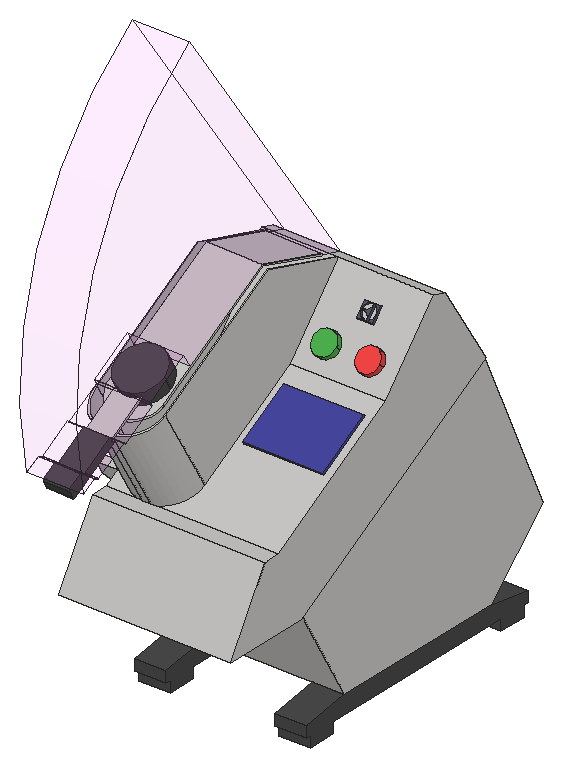
Revit family "QF_ELECTROLUXPROFESSIONAL_600247_TRSC", category Attrezzature speciali, Revit 2020
Family settings
  Quota connettore circolare = Usa diametro
  Tipo di parte = Normale
  Basato su piano di lavoro = No
  Sempre verticale = Sì
  Taglio con vuoti quando caricato = No
  Condiviso = No
  Punto di calcolo locali = No
Parameters (values of type "Standard")
  Weight = 18.00 kg
  Watts = 370 W
  Volts = 220 V
  URL Manufacturer = "https://www.electroluxprofessional.com/"
  URL = "https://www.electroluxprofessional.com/"
  Steam Supply Size = 0 mm
  Steam Supply Minimum Pressure = 0.0 Pa
  Steam Supply Maximum Pressure = 0.0 Pa
  Steam Consumption per Hour = 0
  Show Logo [instance] = yes
  Show Clearance [instance] = yes
  Refrigeration Suction Line Size = 0 mm
  Refrigeration Liquid Line Size = 0 mm
  Refrigerant Compressor Remote = yes
  Prospetto di default = 0 mm
  Produttore = "Electrolux Professional"
  Phase = 1
  Modello = "TRSC"
  Length Actual = 246 mm  # constant formula
  Item Number = "600247"
  Hot Water Size = 0 mm
  Height Actual = 466 mm  # constant formula
  HP = "0.5 HP"
  Gas Size = 0 mm
  Gas KW = 0
  Gas Input Pressure = 0 W
  Direct Waste Size = 0 mm
  Descrizione = "VEGETAB.BENCH CUTTER+EJECT.-220-240/1/50"
  Depth Actual = 557 mm  # constant formula
  Cycle = 50 Hz
  Condensate Return Size = 0 mm
  Compressed Air Volume = 0.0 L/s
  Compressed Air Size = 0 mm
  Compressed Air Pressure = 0.0 Pa
  Cold Water Size = 0 mm
  Accessory = yes
Reference planes
  plane 1 "Center (Front/Back)": y = 0
  plane 2: z = 0
  plane 3 "Center (Left/Right)": x = 0
  plane 4 "BASE": z = 200
  plane 5 "TOP": z = 466
  plane 6 "FRONT": y = -217
  plane 7 "BACK": y = 340
  plane 8 "LEFT": x = -246
  plane 9 "RIGHT": x = -123
  plane 10 "PANEL": through (4267.2, 267.007, 504.294) normal (0, 0.3907, -0.9205)
  plane 11: z = 760
  plane 12: z = 320
  plane 13: x = -138
  plane 14: through (-121, -2919.827, 2381.84) normal (0, -0.6018, -0.7986)
  plane 15: through (-121, -2736.832, 2624.682) normal (0, -0.6018, -0.7986)
Forms (mm)
  Extrusion 1, solid, material "QF_Finishes_Black"
    sketch origin (0, 123, 0) x (0, -1, 0) y (0, 0, -1)
      loop
        line (94.471, -36.549) -> (153.732, -27.163) -> (153.732, -13.973) -> (147.154, -13.973) -> (147.154, 0) -> (112.154, 0) -> (112.154, -13.973) -> (-152.212, -13.973) -> (-152.212, 0) -> (-187.212, 0) -> (-187.212, -13.973) -> (-193.79, -13.973) -> (-193.79, -27.163) -> (-134.529, -36.549) -> (94.471, -36.549)
    from 0 to -40
  Extrusion 2, solid, material "QF_Finishes_Stainless Steel"
    sketch origin (-216, 123, 0) x (0, -1, 0) y (0, 0, 1)
      loop
        line (93.46, 36.549) -> (160.039, 151.867) -> (-127.073, 317.631) -> (-217, 115.653) -> (-135.029, 36.549) -> (93.46, 36.549)
    from 0 to -216
  Extrusion 3, solid, material "QF_Finishes_Stainless Steel"
    sketch origin (-216, 123, 262.296) x (0, -1, 0) y (0, 0, 1)
      loop
        line (-127.388, 55.517) -> (162.427, -111.808) -> (271.802, -111.808) -> (219.868, -21.855) -> (197.396, -21.855) -> (28.521, 75.645) -> (-46.926, 162.436) -> (-63.802, 157.277) -> (-127.388, 55.517)
    from 0 to -216
  Extrusion 4, solid, material "QF_Finishes_Black"
    sketch origin (-176, 123, 0) x (0, -1, 0) y (0, 0, -1)
      loop
        line (94.471, -36.549) -> (153.732, -27.163) -> (153.732, -13.973) -> (147.154, -13.973) -> (147.154, 0) -> (112.154, 0) -> (112.154, -13.973) -> (-152.212, -13.973) -> (-152.212, 0) -> (-187.212, 0) -> (-187.212, -13.973) -> (-193.79, -13.973) -> (-193.79, -27.163) -> (-134.529, -36.549) -> (94.471, -36.549)
    from 0 to -40
  Extrusion 5, solid, material "QF_Finishes_Stainless Steel"
    sketch origin (-490.404, 173.395, 441.028) x (-1, 0, 0) y (0, -0.529919, 0.848048)
      loop
        line (-392.404, -132.714) -> (-392.404, -152.714) -> (-372.404, -152.714) -> (-372.404, -132.714) -> (-392.404, -132.714)
    from 0 to 2
  Extrusion 6, solid, material "QF_Finishes_Stainless Steel"
    sketch origin (-216, 247.308, 495.458) x (0, -0.866025, -0.5) y (-1, 0, 0)
      loop
        line (366.112, -5.041) -> (103.685, -5.041) -> (103.685, -7.041) -> (364.112, -7.041)
        arc (364.112, -7.041) -> (392.396, -18.757) -> (404.112, -47.041) r 40
        line (404.112, -47.041) -> (404.112, -53.041)
        arc (404.112, -53.041) -> (392.396, -81.326) -> (364.112, -93.041) r 40
        line (364.112, -93.041) -> (103.685, -93.041) -> (103.685, -95.041) -> (366.112, -95.041)
        arc (366.112, -95.041) -> (394.396, -83.326) -> (406.112, -55.041) r 40
        line (406.112, -55.041) -> (406.112, -45.041)
        arc (406.112, -45.041) -> (394.396, -16.757) -> (366.112, -5.041) r 40
    from 60 to -60
  Extrusion 7, void
    sketch origin (-216, 123, 0) x (0, -1, 0) y (0, 0, 1)
      loop
        line (79.644, 463.429) -> (-6.545, 511.204) -> (-63.802, 419.573) -> (-104.041, 355.176) -> (18.102, 278.852) -> (28.521, 337.941) -> (-46.926, 424.732) -> (79.644, 463.429)
    from 19 to -118
  Extrusion 8, solid, material "QF_Finishes_Stainless Steel"
    sketch origin (-216, 123, 0) x (0, -1, 0) y (0, 0, 1)
      loop
        line (264.063, 340.515) -> (58.672, 459.097) -> (-34.568, 430.591) -> (-33.786, 428.75) -> (58.412, 456.937) -> (263.063, 338.783) -> (264.063, 340.515)
    from -14.228 to -85.286
  Extrusion 9, void
    sketch origin (-216, 312.723, 516.165) x (-1, 0, 0) y (0, -1, 0)
      loop
        line (-12.905, 396.308) -> (6.939, 396.308) -> (6.939, 476.85) -> (-103.061, 476.85) -> (-103.061, 396.308) -> (-86.45, 396.308)
        arc (-86.45, 396.308) -> (-76.793, 419.808) -> (-53.329, 429.553) r 33.121
        line (-53.329, 429.553) -> (-46.025, 429.553)
        arc (-46.025, 429.553) -> (-22.562, 419.808) -> (-12.905, 396.308) r 33.121
    from 60 to -198.533
  Extrusion 10, solid, material "QF_Finishes_Black"
    sketch origin (-216, 246.158, 587.17) x (0, -0.866025, -0.5) y (-1, 0, 0)
      loop
        circle (382.469, -50.975) r 30
    from 0 to 20
  Extrusion 11, solid, material "QF_Finishes_Stainless Steel"
    sketch origin (-216, -185.302, -32.404) x (0, -1, 0) y (0, 0, 1)
      loop
        line (-34.286, 382.647) -> (-86.832, 412.985) -> (-87.832, 411.253) -> (-35.286, 380.915) -> (-34.286, 382.647)
    from -34.786 to -67.408
  Extrusion 12, solid, material "QF_Finishes_Black"
    sketch origin (-216, -238.324, -61.918) x (0, -1, 0) y (0, 0, 1)
      loop
        line (-45.479, 392.574) -> (-85.332, 415.583) -> (-90.283, 407.008) -> (-30.076, 372.247)
        arc (-30.076, 372.247) -> (-28.179, 371.997) -> (-26.661, 373.162) r 2.5
        line (-26.661, 373.162) -> (-21.514, 382.077)
        arc (-21.514, 382.077) -> (-21.264, 383.974) -> (-22.429, 385.492) r 2.5
        line (-22.429, 385.492) -> (-39.319, 395.243)
        arc (-39.319, 395.243) -> (-40.078, 395.343) -> (-40.685, 394.877) r 1
        line (-40.685, 394.877) -> (-41.381, 393.672)
        arc (-41.381, 393.672) -> (-43.202, 392.274) -> (-45.479, 392.574) r 3
    from -34.786 to -67.408
  Extrusion 13, solid, material "QF_Finishes_Door Clearance", visible <- "Show Clearance"
    sketch origin (-216, 123, 0) x (0, -1, 0) y (0, 0, 1)
      loop
        line (-63.802, 419.573) -> (-33.786, 428.75) -> (-34.568, 430.591) -> (58.672, 459.097) -> (172.089, 393.616) -> (182.089, 410.936) -> (234.05, 380.936) -> (230.752, 375.222) -> (274.016, 350.244) -> (275.992, 353.665) -> (315.879, 330.636)
        arc (315.879, 330.636) -> (318.126, 330.34) -> (319.924, 331.72) r 2.96
        line (319.924, 331.72) -> (320.639, 332.959)
        arc (320.639, 332.959) -> (321.246, 333.425) -> (322.005, 333.325) r 1
        line (322.005, 333.325) -> (340, 322.936)
        arc (340, 322.936) -> (324.321, 567.07) -> (173.904, 760) r 415.204
        line (173.904, 760) -> (-63.802, 419.573)
    from -14.228 to -85.286
  Extrusion 14, solid, material "QF_Finishes_Stainless Steel"
    sketch origin (0, 3.988, 49.884) x (-1, 0, 0) y (0, -0.5, 0.866025)
      loop
        line (216, 200) -> (216, 157.393) -> (246, 180) -> (246, 200) -> (216, 200)
    from 60 to 50
  Extrusion 15, solid, material "QF_Finishes_Stainless Steel"
    sketch origin (0, 325.456, 235.483) x (-1, 0, 0) y (0, 0.5, -0.866025)
      loop
        line (216, -200) -> (246, -200) -> (246, -180) -> (216, -157.393) -> (216, -200)
    from 60 to 50
Cuts and joins
  Extrusion 7 cuts Extrusion 6
  Extrusion 9 cuts Extrusion 8
Dimensions and locks
  plane 8 "LEFT" to plane 9 "RIGHT" = 123 mm
  plane 7 "BACK" to plane 6 "FRONT" = 557 mm  (x2)
  plane 4 "BASE" to level = 200 mm
  plane 5 "TOP" to level = 466 mm  (x3)
  plane 11 to level = 760 mm
  plane 3 "Center (Left/Right)" to plane 8 "LEFT" = 246 mm
  plane 12 to level = 320 mm
  aligned and locked: level to plane 2
Nested families
  nested 1: "ELX_LOGO_MONO_SMALL - BLUE" at (-70.42, 111.955, 358.044) x (-1, 0, 0) z (0, -0.7547, 0.6561), visible <- "Show Logo", Show Logo <- "Show Logo", type "ELX_LOGO_MONO_SMALL - BLUE"
    with Show Logo yes
  nested 2: "Tastiera con bottoni" at (-60.959, 41.844, 307.552) x (-1, 0, 0) z (0, -0.5, 0.866), type "Tastiera con bottoni"
Connectors
  electrical at (-108, 249.022, 320)
    settings: on Extrusion 5, index 18, voltage 0 V, apparent load 0 VA, apparent load phase1 0 VA, apparent load phase2 0 VA, apparent load phase3 0 VA, power factor 1, load classification "Altro", number of poles 1, system type 30, power factor state 1, is connector primary yes, connector utility no, sub classification motor no, connector description ""
Definition of nested family "ELX_LOGO_MONO_SMALL - BLUE"
  Parameters (values of type "ELX_LOGO_MONO_SMALL - BLUE")
    Show Logo [instance] = yes
    Default Elevation = 1219.2 mm
  Reference planes
    plane 1 "Center (Front/Back)": y = -49
    plane 2: z = 0
    plane 3 "Center (Left/Right)": x = -9.92
  Forms (mm)
    Extrusion 1, solid
      sketch origin (0, 0, 0) x (1, 0, 0) y (0, 1, 0)
        loop
          line (-1219.2, 1219.2) -> (-1219.2, -1219.2) -> (1219.2, -1219.2) -> (1219.2, 1219.2) -> (-1219.2, 1219.2)
      from 0 to -304.8
    Extrusion 2, solid, visible <- "Show Logo"
      sketch origin (84.462, 509.781, 0) x (1, 0, 0) y (0, 1, 0)
        loop
          line (-97.132, -567.787) -> (-97.132, -549.816)
          arc (-97.132, -549.816) -> (-103.775, -558.801) -> (-97.132, -567.787) r 9.398
        loop
          arc (-96.218, -567.787) -> (-88.745, -566.088) -> (-85.144, -559.322) r 9.21
          line (-85.144, -559.322) -> (-88.117, -559.322)
          arc (-88.117, -559.322) -> (-93.428, -561.478) -> (-96.218, -566.485) r 8.633
          line (-96.218, -566.485) -> (-96.218, -567.787)
        loop
          arc (-96.218, -551.117) -> (-93.428, -556.124) -> (-88.117, -558.28) r 8.633
          line (-88.117, -558.28) -> (-85.144, -558.28)
          arc (-85.144, -558.28) -> (-88.739, -551.459) -> (-96.218, -549.585) r 9.451
          line (-96.218, -549.585) -> (-96.218, -551.117)
        loop
          line (-84.462, -568.767) -> (-84.462, -548.794) -> (-104.462, -548.794) -> (-104.462, -568.767) -> (-84.462, -568.767)
      from 0 to 1.644
  Dimensions and locks
    aligned and locked: plane 2 to Extrusion 1
    aligned and locked: level to Extrusion 1
Definition of nested family "Tastiera con bottoni"
  Parameters (values of type "Tastiera con bottoni")
    Default Elevation = 1219.2 mm
  Reference planes
    plane 1 "Centro (Fronte/Retro)": y = 0
    plane 2: z = 0
    plane 3 "Centro (Sinistra/Destra)": x = 0
  Forms (mm)
    Extrusion 1, solid
      sketch origin (0, 0, 0) x (1, 0, 0) y (0, 1, 0)
        loop
          line (-1219.2, 1219.2) -> (-1219.2, -1219.2) -> (1219.2, -1219.2) -> (1219.2, 1219.2) -> (-1219.2, 1219.2)
      from 0 to -304.8
    Extrusion 2, solid
      sketch origin (-27.5, -202.135, 50.196) x (1, 0, 0) y (0, 0.945519, -0.325568)
        loop
          circle (0, 119.355) r 15
      from 0 to 7
    Extrusion 3, solid
      sketch origin (27.5, -202.135, 50.196) x (-1, 0, 0) y (0, -0.945519, 0.325568)
        loop
          circle (0, -119.355) r 15
      from 0 to 7
    Extrusion 4, solid
      sketch origin (-99.677, -52.5, 0) x (0, 1, 0) y (0, 0, 1)
        loop
          line (15, 0) -> (90, 0) -> (90, 2) -> (15, 2) -> (15, 0)
      from 49.354 to 150
  Dimensions and locks
    aligned and locked: plane 2 to Extrusion 1
    aligned and locked: level to Extrusion 1
